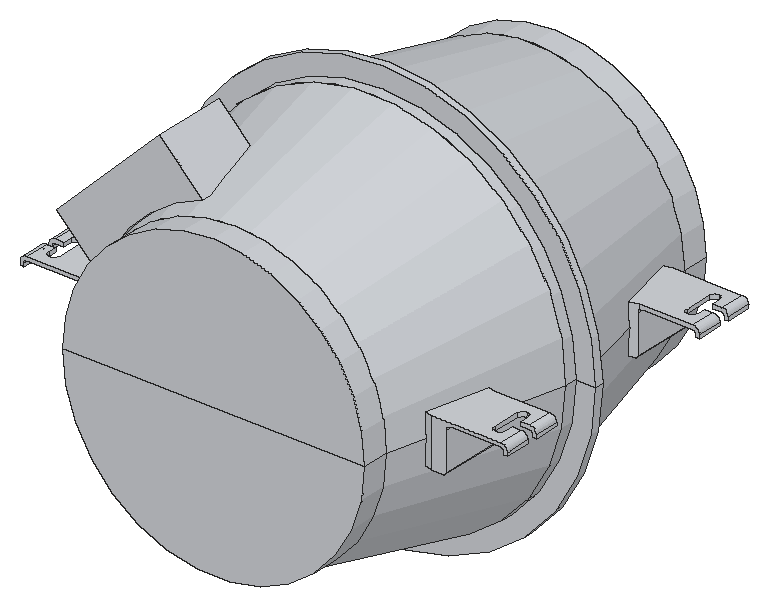
Revit family "FY-DSM2", category Mechanical Equipment, Revit 2024
Family settings
  Round Connector Dimension = Use Diameter
  Part Type = Normal
  OmniClass Number = 23.75.00.00
  OmniClass Title = Climate Control (HVAC)
  Work Plane-Based = No
  Always vertical = Yes
  Cut with Voids When Loaded = No
  Maintain Annotation Orientation = No
  Shared = No
  Room Calculation Point = No
Parameters
  Default Elevation = 0 mm
Reference planes
  plane 1 "Center (Front/Back)": y = 0
  plane 2: z = 0
  plane 3 "Center (Left/Right)": x = 0
  plane 4 "1": y = 175
  plane 5 "2": y = -175
Forms (mm)
  Revolve 1, solid
    sketch origin (0, 0, 0) x (1, 0, 0) y (0, 1, 0)
      loop
        line (0, 175) -> (0, -175) -> (124, -175) -> (124, -153) -> (158.2, -11.02) -> (158.2, -1.22) -> (175, -1.22) -> (175, 5) -> (158.2, 5) -> (158.2, 11.02) -> (124, 153) -> (124, 175) -> (0, 175)
      axis (0, 175) -> (0, -175)
    angle from 0 to 360
  Extrusion 2, solid
    sketch origin (0, 0, 0) x (1, 0, 0) y (0, 1, 0)
      loop
        line (-137.904, 123.5) -> (-200, 123.5) -> (-200, 103) -> (-187.5, 103) -> (-187.5, 110)
        spline (-187.5, 110) -> (-187.462, 110.587) -> (-187.347, 111.165) -> (-187.157, 111.722) -> (-186.897, 112.25) -> (-186.57, 112.739) -> (-186.182, 113.182) -> (-185.739, 113.57) -> (-185.25, 113.897) -> (-184.722, 114.157) -> (-184.165, 114.347) -> (-183.587, 114.461) -> (-183, 114.5)
        spline (-183, 114.5) -> (-182.413, 114.461) -> (-181.835, 114.347) -> (-181.278, 114.157) -> (-180.75, 113.897) -> (-180.261, 113.57) -> (-179.818, 113.182) -> (-179.43, 112.739) -> (-179.103, 112.25) -> (-178.843, 111.722) -> (-178.653, 111.165) -> (-178.538, 110.587) -> (-178.5, 110)
        line (-178.5, 110) -> (-178.5, 87)
        spline (-178.5, 87) -> (-178.538, 86.413) -> (-178.653, 85.835) -> (-178.843, 85.278) -> (-179.103, 84.75) -> (-179.43, 84.261) -> (-179.818, 83.818) -> (-180.261, 83.43) -> (-180.75, 83.103) -> (-181.278, 82.843) -> (-181.835, 82.653) -> (-182.413, 82.538) -> (-183, 82.5)
        spline (-183, 82.5) -> (-183.587, 82.538) -> (-184.165, 82.653) -> (-184.722, 82.843) -> (-185.25, 83.103) -> (-185.739, 83.43) -> (-186.182, 83.818) -> (-186.57, 84.261) -> (-186.897, 84.75) -> (-187.157, 85.278) -> (-187.347, 85.835) -> (-187.462, 86.413) -> (-187.5, 87)
        line (-187.5, 87) -> (-187.5, 94) -> (-200, 94) -> (-200, 73.5) -> (-150, 73.5) -> (-143.527, 71.934) -> (-131.48, 121.946) -> (-137.904, 123.5)
    from 20 to -20
  Extrusion 3, void
    sketch origin (0, 0, 0) x (1, 0, 0) y (0, 0, 1)
      loop
        spline (-200, 14.8) -> (-199.956, 15.479) -> (-199.823, 16.146) -> (-199.604, 16.79) -> (-199.303, 17.4) -> (-198.925, 17.966) -> (-198.477, 18.477) -> (-197.966, 18.925) -> (-197.4, 19.303) -> (-196.79, 19.604) -> (-196.146, 19.823) -> (-195.479, 19.956) -> (-194.8, 20)
        line (-194.8, 20) -> (-200, 20) -> (-200, 14.8)
      loop
        line (-200, 12) -> (-200, -20) -> (-148, -20) -> (-150, -18) -> (-150, 13.8)
        spline (-150, 13.8) -> (-150.026, 14.192) -> (-150.102, 14.576) -> (-150.228, 14.948) -> (-150.402, 15.3) -> (-150.62, 15.626) -> (-150.879, 15.921) -> (-151.174, 16.18) -> (-151.5, 16.398) -> (-151.852, 16.572) -> (-152.224, 16.698) -> (-152.608, 16.774) -> (-153, 16.8)
        line (-153, 16.8) -> (-194.8, 16.8)
        arc (-194.8, 16.8) -> (-196.214, 16.214) -> (-196.8, 14.8) r 2
        line (-196.8, 14.8) -> (-196.8, 12) -> (-200, 12)
    from -123.5 to -71.934
  Extrusion 4, solid
    sketch origin (0, 0, 0) x (-1, 0, 0) y (0, -1, 0)
      loop
        line (-137.904, -123.5) -> (-131.48, -121.946) -> (-143.527, -71.934) -> (-150, -73.5) -> (-200, -73.5) -> (-200, -94) -> (-187.5, -94) -> (-187.5, -87)
        spline (-187.5, -87) -> (-187.462, -86.413) -> (-187.347, -85.835) -> (-187.157, -85.278) -> (-186.897, -84.75) -> (-186.57, -84.261) -> (-186.182, -83.818) -> (-185.739, -83.43) -> (-185.25, -83.103) -> (-184.722, -82.843) -> (-184.165, -82.653) -> (-183.587, -82.538) -> (-183, -82.5)
        spline (-183, -82.5) -> (-182.413, -82.538) -> (-181.835, -82.653) -> (-181.278, -82.843) -> (-180.75, -83.103) -> (-180.261, -83.43) -> (-179.818, -83.818) -> (-179.43, -84.261) -> (-179.103, -84.75) -> (-178.843, -85.278) -> (-178.653, -85.835) -> (-178.538, -86.413) -> (-178.5, -87)
        line (-178.5, -87) -> (-178.5, -110)
        spline (-178.5, -110) -> (-178.538, -110.587) -> (-178.653, -111.165) -> (-178.843, -111.722) -> (-179.103, -112.25) -> (-179.43, -112.739) -> (-179.818, -113.182) -> (-180.261, -113.57) -> (-180.75, -113.897) -> (-181.278, -114.157) -> (-181.835, -114.347) -> (-182.413, -114.461) -> (-183, -114.5)
        spline (-183, -114.5) -> (-183.587, -114.461) -> (-184.165, -114.347) -> (-184.722, -114.157) -> (-185.25, -113.897) -> (-185.739, -113.57) -> (-186.182, -113.182) -> (-186.57, -112.739) -> (-186.897, -112.25) -> (-187.157, -111.722) -> (-187.347, -111.165) -> (-187.462, -110.587) -> (-187.5, -110)
        line (-187.5, -110) -> (-187.5, -103) -> (-200, -103) -> (-200, -123.5) -> (-137.904, -123.5)
    from 20 to -20
  Extrusion 5, void
    sketch origin (0, 0, 0) x (-1, 0, 0) y (0, 0, -1)
      loop
        line (-200, -14.8) -> (-200, -20) -> (-194.8, -20)
        spline (-194.8, -20) -> (-195.479, -19.956) -> (-196.146, -19.823) -> (-196.79, -19.604) -> (-197.4, -19.303) -> (-197.966, -18.925) -> (-198.477, -18.477) -> (-198.925, -17.966) -> (-199.303, -17.4) -> (-199.604, -16.79) -> (-199.823, -16.146) -> (-199.956, -15.479) -> (-200, -14.8)
      loop
        line (-200, -12) -> (-196.8, -12) -> (-196.8, -14.8)
        arc (-196.8, -14.8) -> (-196.214, -16.214) -> (-194.8, -16.8) r 2
        line (-194.8, -16.8) -> (-153, -16.8)
        spline (-153, -16.8) -> (-152.608, -16.774) -> (-152.224, -16.698) -> (-151.852, -16.572) -> (-151.5, -16.398) -> (-151.174, -16.18) -> (-150.879, -15.921) -> (-150.62, -15.626) -> (-150.402, -15.3) -> (-150.228, -14.948) -> (-150.102, -14.576) -> (-150.026, -14.192) -> (-150, -13.8)
        line (-150, -13.8) -> (-150, 18) -> (-148, 20) -> (-200, 20) -> (-200, -12)
    from -123.5 to -71.934
  Extrusion 6, solid
    sketch origin (0, 0, 0) x (1, 0, 0) y (0, 1, 0)
      loop
        line (-137.904, -123.5) -> (-131.48, -121.946) -> (-143.527, -71.934) -> (-150, -73.5) -> (-200, -73.5) -> (-200, -94) -> (-187.5, -94) -> (-187.5, -87)
        spline (-187.5, -87) -> (-187.462, -86.413) -> (-187.347, -85.835) -> (-187.157, -85.278) -> (-186.897, -84.75) -> (-186.57, -84.261) -> (-186.182, -83.818) -> (-185.739, -83.43) -> (-185.25, -83.103) -> (-184.722, -82.843) -> (-184.165, -82.653) -> (-183.587, -82.538) -> (-183, -82.5)
        spline (-183, -82.5) -> (-182.413, -82.538) -> (-181.835, -82.653) -> (-181.278, -82.843) -> (-180.75, -83.103) -> (-180.261, -83.43) -> (-179.818, -83.818) -> (-179.43, -84.261) -> (-179.103, -84.75) -> (-178.843, -85.278) -> (-178.653, -85.835) -> (-178.538, -86.413) -> (-178.5, -87)
        line (-178.5, -87) -> (-178.5, -110)
        spline (-178.5, -110) -> (-178.538, -110.587) -> (-178.653, -111.165) -> (-178.843, -111.722) -> (-179.103, -112.25) -> (-179.43, -112.739) -> (-179.818, -113.182) -> (-180.261, -113.57) -> (-180.75, -113.897) -> (-181.278, -114.157) -> (-181.835, -114.347) -> (-182.413, -114.461) -> (-183, -114.5)
        spline (-183, -114.5) -> (-183.587, -114.461) -> (-184.165, -114.347) -> (-184.722, -114.157) -> (-185.25, -113.897) -> (-185.739, -113.57) -> (-186.182, -113.182) -> (-186.57, -112.739) -> (-186.897, -112.25) -> (-187.157, -111.722) -> (-187.347, -111.165) -> (-187.462, -110.587) -> (-187.5, -110)
        line (-187.5, -110) -> (-187.5, -103) -> (-200, -103) -> (-200, -123.5) -> (-137.904, -123.5)
    from 20 to -20
  Extrusion 7, void
    sketch origin (0, 0, 0) x (1, 0, 0) y (0, 0, -1)
      loop
        line (-200, -14.8) -> (-200, -20) -> (-194.8, -20)
        spline (-194.8, -20) -> (-195.479, -19.956) -> (-196.146, -19.823) -> (-196.79, -19.604) -> (-197.4, -19.303) -> (-197.966, -18.925) -> (-198.477, -18.477) -> (-198.925, -17.966) -> (-199.303, -17.4) -> (-199.604, -16.79) -> (-199.823, -16.146) -> (-199.956, -15.479) -> (-200, -14.8)
      loop
        line (-200, -12) -> (-196.8, -12) -> (-196.8, -14.8)
        arc (-196.8, -14.8) -> (-196.214, -16.214) -> (-194.8, -16.8) r 2
        line (-194.8, -16.8) -> (-153, -16.8)
        spline (-153, -16.8) -> (-152.608, -16.774) -> (-152.224, -16.698) -> (-151.852, -16.572) -> (-151.5, -16.398) -> (-151.174, -16.18) -> (-150.879, -15.921) -> (-150.62, -15.626) -> (-150.402, -15.3) -> (-150.228, -14.948) -> (-150.102, -14.576) -> (-150.026, -14.192) -> (-150, -13.8)
        line (-150, -13.8) -> (-150, 18) -> (-148, 20) -> (-200, 20) -> (-200, -12)
    from -123.5 to -71.934
  Extrusion 8, solid
    sketch origin (0, 0, 0) x (-1, 0, 0) y (0, -1, 0)
      loop
        line (-137.904, 123.5) -> (-200, 123.5) -> (-200, 103) -> (-187.5, 103) -> (-187.5, 110)
        spline (-187.5, 110) -> (-187.462, 110.587) -> (-187.347, 111.165) -> (-187.157, 111.722) -> (-186.897, 112.25) -> (-186.57, 112.739) -> (-186.182, 113.182) -> (-185.739, 113.57) -> (-185.25, 113.897) -> (-184.722, 114.157) -> (-184.165, 114.347) -> (-183.587, 114.461) -> (-183, 114.5)
        spline (-183, 114.5) -> (-182.413, 114.461) -> (-181.835, 114.347) -> (-181.278, 114.157) -> (-180.75, 113.897) -> (-180.261, 113.57) -> (-179.818, 113.182) -> (-179.43, 112.739) -> (-179.103, 112.25) -> (-178.843, 111.722) -> (-178.653, 111.165) -> (-178.538, 110.587) -> (-178.5, 110)
        line (-178.5, 110) -> (-178.5, 87)
        spline (-178.5, 87) -> (-178.538, 86.413) -> (-178.653, 85.835) -> (-178.843, 85.278) -> (-179.103, 84.75) -> (-179.43, 84.261) -> (-179.818, 83.818) -> (-180.261, 83.43) -> (-180.75, 83.103) -> (-181.278, 82.843) -> (-181.835, 82.653) -> (-182.413, 82.538) -> (-183, 82.5)
        spline (-183, 82.5) -> (-183.587, 82.538) -> (-184.165, 82.653) -> (-184.722, 82.843) -> (-185.25, 83.103) -> (-185.739, 83.43) -> (-186.182, 83.818) -> (-186.57, 84.261) -> (-186.897, 84.75) -> (-187.157, 85.278) -> (-187.347, 85.835) -> (-187.462, 86.413) -> (-187.5, 87)
        line (-187.5, 87) -> (-187.5, 94) -> (-200, 94) -> (-200, 73.5) -> (-150, 73.5) -> (-143.527, 71.934) -> (-131.48, 121.946) -> (-137.904, 123.5)
    from 20 to -20
  Extrusion 9, void
    sketch origin (0, 0, 0) x (-1, 0, 0) y (0, 0, 1)
      loop
        spline (-200, 14.8) -> (-199.956, 15.479) -> (-199.823, 16.146) -> (-199.604, 16.79) -> (-199.303, 17.4) -> (-198.925, 17.966) -> (-198.477, 18.477) -> (-197.966, 18.925) -> (-197.4, 19.303) -> (-196.79, 19.604) -> (-196.146, 19.823) -> (-195.479, 19.956) -> (-194.8, 20)
        line (-194.8, 20) -> (-200, 20) -> (-200, 14.8)
      loop
        line (-200, 12) -> (-200, -20) -> (-148, -20) -> (-150, -18) -> (-150, 13.8)
        spline (-150, 13.8) -> (-150.026, 14.192) -> (-150.102, 14.576) -> (-150.228, 14.948) -> (-150.402, 15.3) -> (-150.62, 15.626) -> (-150.879, 15.921) -> (-151.174, 16.18) -> (-151.5, 16.398) -> (-151.852, 16.572) -> (-152.224, 16.698) -> (-152.608, 16.774) -> (-153, 16.8)
        line (-153, 16.8) -> (-194.8, 16.8)
        arc (-194.8, 16.8) -> (-196.214, 16.214) -> (-196.8, 14.8) r 2
        line (-196.8, 14.8) -> (-196.8, 12) -> (-200, 12)
    from -123.5 to -71.934
  Extrusion 10, solid
    sketch origin (0, 0, 0) x (1, 0, 0) y (0, 0, 1)
      loop
        line (-38.258, 123.11) -> (-73.613, 158.466) -> (-158.466, 73.613) -> (-123.11, 38.258)
        arc (-123.11, 38.258) -> (-90.236, 90.236) -> (-38.258, 123.11) r 140
    from 78 to 138
Cuts and joins
  Extrusion 3 cuts Revolve 1
  Extrusion 3 cuts Extrusion 2
  Extrusion 5 cuts Extrusion 4
  Extrusion 7 cuts Extrusion 6
  Extrusion 9 cuts Extrusion 8
Dimensions and locks
  aligned and locked: level to plane 2
Connectors
  hvac at (0, 175, 0)
    settings: index 1, duct flow 0.0 L/s, flow factor 0, pres drop 0.0 Pa, loss coef 0, conn angle 0.00°, conn width 304.8 mm, conn height 304.8 mm, conn diameter 250 mm, duct sys type 3, conn prof type 0, flow config 0, flow direction 0, loss method 0, conn ref index -1, conn util no, is conn primary yes, conn desc ""
  hvac at (0, -175, 0)
    settings: index 2, duct flow 0.0 L/s, flow factor 0, pres drop 0.0 Pa, loss coef 0, conn angle 0.00°, conn width 304.8 mm, conn height 304.8 mm, conn diameter 250 mm, duct sys type 3, conn prof type 0, flow config 0, flow direction 0, loss method 0, conn ref index -1, conn util no, is conn primary no, conn desc ""
